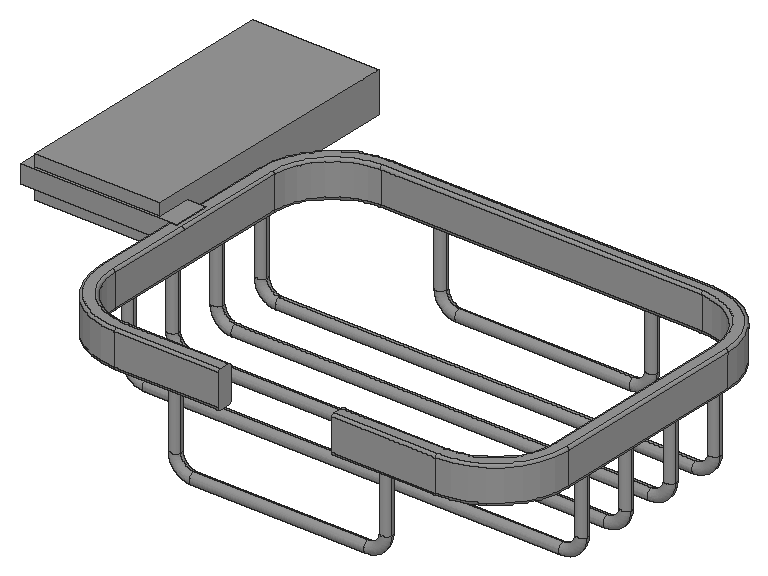
Revit family "JAB REJILLA ASIS", category Plumbing Fixtures, Revit 2019
Family settings
  Round Connector Dimension = Use Diameter
  Part Type = Normal
  OmniClass Number = 23.45.00.00
  OmniClass Title = Sanitary, Laundry, and Cleaning Equipment
  Work Plane-Based = No
  Always vertical = Yes
  Cut with Voids When Loaded = No
  Shared = No
  Room Calculation Point = No
Reference planes
  plane 1 "Center (Front/Back)": y = 0
  plane 2: z = 0
  plane 3 "Center (Left/Right)": x = 0
Forms (mm)
  Extrusion 1, solid
    sketch origin (0, 0, 0) x (1, 0, 0) y (0, 0, 1)
      loop
        line (0, 0) -> (0, 5) -> (-42.33, 5) -> (-42.33, 0) -> (0, 0)
    from 0 to 10
  Extrusion 2, solid
    sketch origin (0, 0, 0) x (1, 0, 0) y (0, 0, 1)
      loop
        line (-39.24, 2.5) -> (-39.24, -3) -> (-5.24, -3) -> (-5.24, 8) -> (-39.24, 8) -> (-39.24, 2.5)
    from 9.044 to -65
  Sweep 3, solid
    path origin (0, 0, 0) x (1, 0, 0) y (0, 1, 0)
      loop
        line (46.12, -51.35) -> (18, -51.35)
        arc (18, -51.35) -> (5.272, -46.078) -> (0, -33.35) r 18
        line (0, -33.35) -> (0, -10) -> (0, 20.657)
        arc (0, 20.657) -> (5.27, 33.38) -> (17.993, 38.65) r 17.993
        line (17.993, 38.65) -> (105, 38.65)
        arc (105, 38.65) -> (117.728, 33.378) -> (123, 20.65) r 18
        line (123, 20.65) -> (123, -33.35)
        arc (123, -33.35) -> (117.728, -46.078) -> (105, -51.35) r 18
        line (105, -51.35) -> (76.88, -51.35)
    profile origin (46.12, -51.35, 0) x (0, -1, 0) y (0, 0, 1)
      loop
        line (0, 5) -> (-1.297, 5)
        arc (-1.297, 5) -> (-1.794, 4.794) -> (-2, 4.297) r 0.703
        line (-2, 4.297) -> (-2, -4.334)
        arc (-2, -4.334) -> (-1.805, -4.805) -> (-1.334, -5) r 0.666
        line (-1.334, -5) -> (1.289, -5)
        arc (1.289, -5) -> (1.792, -4.792) -> (2, -4.289) r 0.711
        line (2, -4.289) -> (2, 4.319)
        arc (2, 4.319) -> (1.8, 4.8) -> (1.319, 5) r 0.681
        line (1.319, 5) -> (0, 5)
  Sweep 4, solid
    path origin (0, 0, 0) x (1, 0, 0) y (0, 0, 1)
      loop
        line (0, 0) -> (0, -20)
        arc (0, -20) -> (1.464, -23.536) -> (5, -25) r 5
        line (5, -25) -> (117.881, -25)
        arc (117.881, -25) -> (121.417, -23.536) -> (122.881, -20) r 5
        line (122.881, -20) -> (122.881, 0)
    profile origin (0, 0, 0) x (0, -1, 0) y (1, 0, 0)
      loop
        circle (26.189, 0) r 1.5
  Sweep 5, solid
    path origin (0, -11.189, 0) x (1, 0, 0) y (0, 0, 1)
      loop
        line (0, 0) -> (0, -20)
        arc (0, -20) -> (1.464, -23.536) -> (5, -25) r 5
        line (5, -25) -> (117.881, -25)
        arc (117.881, -25) -> (121.417, -23.536) -> (122.881, -20) r 5
        line (122.881, -20) -> (122.881, 0)
    profile origin (0, -11.189, 0) x (0, -1, 0) y (1, 0, 0)
      loop
        circle (0, 0) r 1.5
  Sweep 6, solid
    path origin (0, 3.811, 0) x (1, 0, 0) y (0, 0, 1)
      loop
        line (0, 0) -> (0, -20)
        arc (0, -20) -> (1.464, -23.536) -> (5, -25) r 5
        line (5, -25) -> (117.881, -25)
        arc (117.881, -25) -> (121.417, -23.536) -> (122.881, -20) r 5
        line (122.881, -20) -> (122.881, 0)
    profile origin (0, 3.811, 0) x (0, -1, 0) y (1, 0, 0)
      loop
        circle (0, 0) r 1.5
  Sweep 7, solid
    path origin (0, 18.811, 0) x (1, 0, 0) y (0, 0, 1)
      loop
        line (0, 0) -> (0, -20)
        arc (0, -20) -> (1.464, -23.536) -> (5, -25) r 5
        line (5, -25) -> (117.881, -25)
        arc (117.881, -25) -> (121.417, -23.536) -> (122.881, -20) r 5
        line (122.881, -20) -> (122.881, 0)
    profile origin (0, 18.811, 0) x (0, -1, 0) y (1, 0, 0)
      loop
        circle (0, 0) r 1.5
  Sweep 8, solid
    path origin (0, 0, 0) x (1, 0, 0) y (0, 0, 1)
      loop
        line (32.873, 0) -> (32.873, -20)
        arc (32.873, -20) -> (34.337, -23.536) -> (37.873, -25) r 5
        line (37.873, -25) -> (85.133, -25)
        arc (85.133, -25) -> (88.669, -23.536) -> (90.133, -20) r 5
        line (90.133, -20) -> (90.133, 0)
    profile origin (32.873, 0, 0) x (0, -1, 0) y (1, 0, 0)
      loop
        circle (51.443, 0) r 1.5
  Sweep 9, solid
    path origin (0, 90, 0) x (1, 0, 0) y (0, 0, 1)
      loop
        line (32.873, 0) -> (32.873, -20)
        arc (32.873, -20) -> (34.337, -23.536) -> (37.873, -25) r 5
        line (37.873, -25) -> (85.133, -25)
        arc (85.133, -25) -> (88.669, -23.536) -> (90.133, -20) r 5
        line (90.133, -20) -> (90.133, 0)
    profile origin (32.873, 90, 0) x (0, -1, 0) y (1, 0, 0)
      loop
        circle (51.443, 0) r 1.5
Lines and regions (mm)
  reference lines
    curve 1: line (1.5, 18.811, 0) -> (1.5, 3.811, 0)
    curve 2: line (1.5, 3.811, 0) -> (1.5, -11.189, 0)
    curve 3: line (1.5, -11.189, 0) -> (1.5, -26.189, 0)
Dimensions and locks
  aligned and locked: level to plane 2
